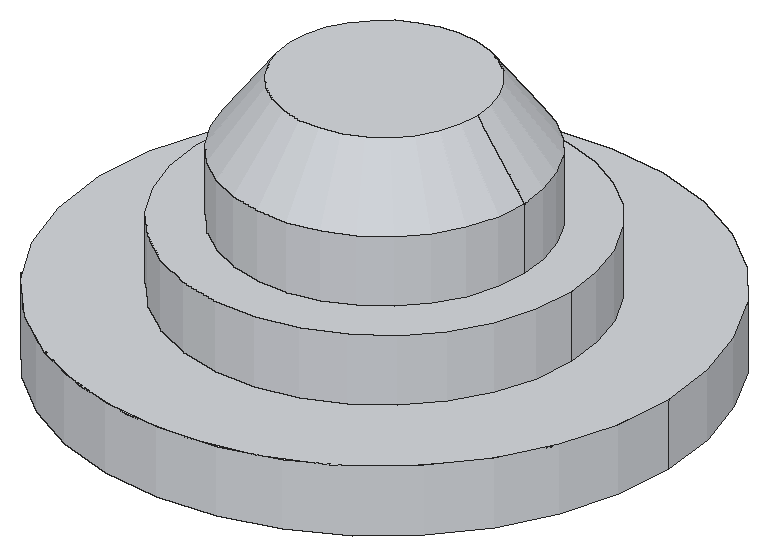
Revit family "57bd0e6cdf17492d882583e92ae70f2e", category Fire Alarm Devices, host Face, Revit 2021
Family settings
  Host = Face
  Maintain Annotation Orientation = No
  Round Connector Dimension = Use Diameter
  Part Type = Normal
  OmniClass Number = 23.85.30.21.11.11
  OmniClass Title = Fire/Smoke Detectors
  Seek Item ID = Fixed Heat Detector-0000-USA-ENU
  Cut with Voids When Loaded = No
  Shared = No
  Room Calculation Point = No
Parameters (values of type "Standard")
  Radius 2 = 0' - 0 3/4"
  Radius 3 = 0' - 1 1/8"
  Radius 1 = 0' - 1 1/2"
  Radius = Diameter * 0.5  # 0' - 2.2793"
  Label = ""
  Diameter = 0' - 4 143/256"
  Detector Material = none
  Length 3 = 0' - 0 1/2"
  Length 2 = 0' - 0 1/2"
  Length 1 = 0' - 0 1/2"
  Length = 0' - 2"
  Default Elevation = 4' - 0"
Types (4): name | Label
  (no name) | ""
  Standard | ""
  200F | "200°"
  135F | "135°"
Reference planes (in)
  plane 1 "Center (Front/Back)": y = 0
  plane 2: z = 0
  plane 3 "Center (Left/Right)": x = 0
  plane 4: z = 0.5
  plane 5: z = 2
  plane 6: z = 1.5
  plane 7: z = 1
Forms (in)
  Extrusion 1, solid, material <- "Detector Material"
    sketch origin (0, 0, 0) x (1, 0, 0) y (0, 1, 0)
      loop
        circle (0, 0) r 2.2793
    from 0 to 0.5
  Extrusion 2, solid, material <- "Detector Material"
    sketch origin (0, 0, 0) x (1, 0, 0) y (0, 1, 0)
      loop
        circle (0, 0) r 1.5
    from 0.5 to 1
  Blend 3, solid, material <- "Detector Material"
    base sketch origin (0, 0, 0) x (1, 0, 0) y (0, 1, 0)
      loop
        circle (0, 0) r 1.125
    top sketch origin (0, 0, 0) x (1, 0, 0) y (0, 1, 0)
      loop
        circle (0, 0) r 0.75
    from 1.5 to 2
  Extrusion 4, solid, material <- "Detector Material"
    sketch origin (0, 0, 0) x (1, 0, 0) y (0, 1, 0)
      loop
        circle (0, 0) r 1.125
    from 1 to 1.5
Cuts and joins
  joined: Extrusion 1, Extrusion 2, Blend 3, Extrusion 4
Lines and regions (in)
  symbolic lines, detail levels fine
    curve 1: arc (-2.2793, 0, 0) -> (0, -2.2793, 0) -> (2.2793, 0, 0) r 2.2793
    curve 2: arc (2.2793, 0, 0) -> (0, 2.2793, 0) -> (-2.2793, 0, 0) r 2.2793
    curve 3: arc (1.5, 0, 0) -> (0, 1.5, 0) -> (-1.5, 0, 0) r 1.5
    curve 4: arc (-1.5, 0, 0) -> (0, -1.5, 0) -> (1.5, 0, 0) r 1.5
    curve 5: arc (-1.125, 0, 0) -> (0, -1.125, 0) -> (1.125, 0, 0) r 1.125
    curve 6: arc (1.125, 0, 0) -> (0, 1.125, 0) -> (-1.125, 0, 0) r 1.125
    curve 7: arc (0.75, 0, 0) -> (0, 0.75, 0) -> (-0.75, 0, 0) r 0.75
    curve 8: arc (-0.75, 0, 0) -> (0, -0.75, 0) -> (0.75, 0, 0) r 0.75
Dimensions and locks (in)
  "Length 1": plane 4 to level
  "Length": plane 5 to level
  "Length 2": plane 7 to plane 4
  "Length 3": plane 6 to plane 7
  "Radius": radius of Extrusion 1 sketch curve
  "Radius 1": radius of Extrusion 2 sketch curve
  "Radius 3": radius of Blend 3 sketch curve
  "Radius 2": radius of Blend 3 sketch curve
  "Radius 3": radius of Extrusion 4 sketch curve
  aligned and locked: plane 2 to host face
  aligned and locked: level to host face
  aligned and locked: Extrusion 1 to plane 2
  aligned and locked: plane 4 to Extrusion 1
  aligned and locked: Extrusion 2 to plane 4
  aligned and locked: plane 1 "Center (Front/Back)" to Blend 3 sketch curve  (x2)
  aligned and locked: plane 3 "Center (Left/Right)" to Blend 3 sketch curve  (x2)
  aligned and locked: plane 5 to Blend 3
  aligned and locked: Blend 3 to plane 6
  aligned and locked: Blend 3 to plane 5
  aligned and locked: plane 1 "Center (Front/Back)" to Extrusion 1 sketch curve
  aligned and locked: plane 3 "Center (Left/Right)" to Extrusion 1 sketch curve
  aligned and locked: plane 1 "Center (Front/Back)" to Extrusion 2 sketch curve
  aligned and locked: plane 3 "Center (Left/Right)" to Extrusion 2 sketch curve
  aligned and locked: plane 1 "Center (Front/Back)" to Extrusion 4 sketch curve
  aligned and locked: plane 3 "Center (Left/Right)" to Extrusion 4 sketch curve
  aligned and locked: plane 6 to Extrusion 4
  aligned and locked: plane 7 to cut or joined group of Extrusion 1, Extrusion 2, Blend 3, Extrusion 4  (x2)
  aligned and locked: cut or joined group of Extrusion 1, Extrusion 2, Blend 3, Extrusion 4 to plane 7
  aligned and locked: curve 1 to cut or joined group of Extrusion 1, Extrusion 2, Blend 3, Extrusion 4
  aligned and locked: curve 2 to cut or joined group of Extrusion 1, Extrusion 2, Blend 3, Extrusion 4
  aligned and locked: curve 3 to cut or joined group of Extrusion 1, Extrusion 2, Blend 3, Extrusion 4
  aligned and locked: curve 4 to cut or joined group of Extrusion 1, Extrusion 2, Blend 3, Extrusion 4
  aligned and locked: curve 5 to cut or joined group of Extrusion 1, Extrusion 2, Blend 3, Extrusion 4
  aligned and locked: curve 6 to cut or joined group of Extrusion 1, Extrusion 2, Blend 3, Extrusion 4
  aligned and locked: curve 7 to cut or joined group of Extrusion 1, Extrusion 2, Blend 3, Extrusion 4
  aligned and locked: curve 8 to cut or joined group of Extrusion 1, Extrusion 2, Blend 3, Extrusion 4
  aligned and locked: plane 1 "Center (Front/Back)" to nested 1
  aligned and locked: nested 1 to plane 3 "Center (Left/Right)"
Automatic sketch dimensions
  host sketch curve to host sketch curve = 8' - 0"  (x2)
Nested families (in)
  nested 1: "Heat Detector Annotation 1" at (0, 0, 0), type "Heat Detector Annotation 1", detail levels coarse+medium
Connectors (in)
  electrical at (0, 0, 0)
    settings: on Extrusion 1, index 1, voltage 0 V, apparent load 0 VA, apparent load phase1 0 VA, apparent load phase2 0 VA, apparent load phase3 0 VA, power factor 1, load classification "Other", number of poles 1, system type 11, power factor state 1, is connector primary yes, connector utility no, sub classification motor no, connector description ""
Definition of nested family "Heat Detector Annotation 1"
  Parameters
    Label 2 = ""
    Label 1 = "F"
  Reference planes (in)
    plane 1: y = 0
    plane 2: x = 0
  Lines and regions (in)
    reference lines
      curve 1: line (-0.59408, 0.0625, 0) -> (1.03342, 0.0625, 0)
    detail lines
      curve 2: line (0, 0.0625, 0) -> (-0.05413, 0.03125, 0)
      curve 3: line (-0.05413, 0.03125, 0) -> (-0.05413, -0.03125, 0)
      curve 4: line (-0.05413, -0.03125, 0) -> (0, -0.0625, 0)
      curve 5: line (0, -0.0625, 0) -> (0.05413, -0.03125, 0)
      curve 6: line (0.05413, -0.03125, 0) -> (0.05413, 0.03125, 0)
      curve 7: line (0.05413, 0.03125, 0) -> (0, 0.0625, 0)
  Text (in)
    label "F" at (-0.03165, -0.00372, 0), shows "Label 1"
    label "200°" at (0.05408, -0.04425, 0), shows "Label 2"
  Dimensions and locks (in)
    locked: plane 1 to curve 1 at 0.0625
